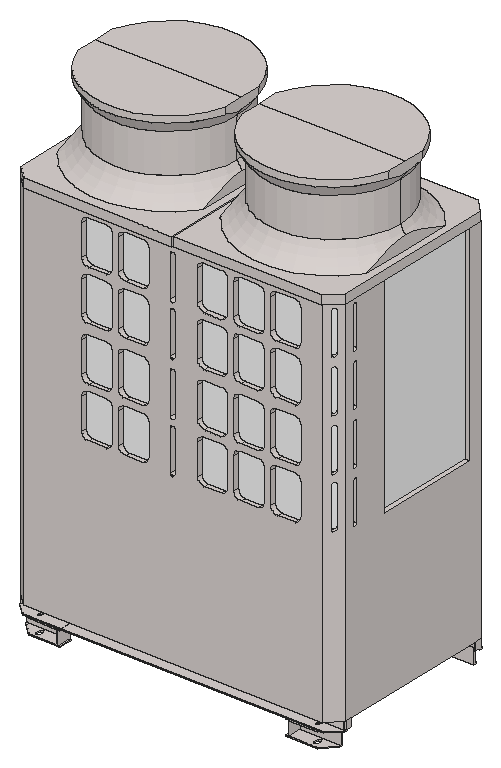
Revit family "PUHY-EM400YNW-A1", category 機械設備, Revit 2016 (continued)
Dimensions and locks
  curve 89 to cut or joined group 1 (Extrusion 1, Extrusion 2, Extrusion 3, Extrusion 4, Extrusion 5, Extrusion 6, Extrusion 7, Extrusion 8, Extrusion 9, Extrusion 10, Extrusion 11, Extrusion 12, Extrusion 13, Extrusion 14, Extrusion 15, Extrusion 16, Extrusion 17, Extrusion 18, Extrusion 19, Extrusion 20, Extrusion 21, Extrusion 22, Extrusion 23, Extrusion 24, Extrusion 25, Extrusion 26, Extrusion 27, Extrusion 28, Extrusion 29, Extrusion 30, Extrusion 31, Extrusion 32, Extrusion 33) = 216.000 mm
  cut or joined group 1 to curve 4 to curve 2 = 128.000 mm, 150.000 mm
  cut or joined group 1 to curve 1 to curve 3 = 79.000 mm, 94.000 mm
  Extrusion 32 sketch curve to nested 7 = 116.000 mm
  cut or joined group 1 to Extrusion 32 sketch curve = 160.000 mm
  cut or joined group 1 to Extrusion 33 sketch curve = 243.000 mm
  Extrusion 33 sketch curve to nested 7 = 116.000 mm
  aligned and locked: level to plane 2
  aligned and locked: Extrusion 1 to plane 4
Nested families
  nested 1: "FAN GUARD" at (-311.5, 0, 860), type "FAN GUARD"
    with WIDTH 870.000 mm
  nested 2: "FAN GUARD" at (311.5, 0, 860) x (-1, 0, 0) z (0, 0, 1), type "FAN GUARD"
    with WIDTH 870.000 mm
  nested 3: "ATTACHMENT LEG" at (-524, -349, 0), type "ATTACHMENT LEG"
  nested 4: "ATTACHMENT LEG" at (-524, 349, 0), type "ATTACHMENT LEG"
  nested 5: "ATTACHMENT LEG" at (524, -349, 0) x (-1, 0, 0) z (0, 0, 1), type "ATTACHMENT LEG"
  nested 6: "ATTACHMENT LEG" at (524, 349, 0) x (-1, 0, 0) z (0, 0, 1), type "ATTACHMENT LEG"
  nested 7: "BASE LEG_L" at (0, -352, 60), type "BASE LEG_L"
    with Width 1240.000 mm
  nested 8: "BASE LEG_L" at (0, 352, 60), type "BASE LEG_L"
    with Width 1240.000 mm
Connectors
  piping at (-460, -191, 176), diameter 12.7, driven by "Liquid pipe_radius"
    settings: on cut or joined group 1, index 3, connector inside diameter 12.7 mm, connector length 0.000 mm, flow factor 0, pipe flow 0.0 L/s, pressure drop 0.0 Pa, fitting loss kfactor 0, connector angle 0.00°, fixture units 0, engagement length 0.000 mm, angle of deflection 0.00°, flow configuration 0, flow direction 0, fitting loss method 0, system type 22, joint type 0, gender type 0, connector reference index -1, connector utility 0, adjustable connector no, is connector primary yes, connector description "Refrigerant service valve<Liquid pipe>"
  piping at (-377, -191, 176), diameter 28.58, driven by "Gas pipe_radius"
    settings: on cut or joined group 1, index 4, connector inside diameter 28.58 mm, connector length 0.000 mm, flow factor 0, pipe flow 0.0 L/s, pressure drop 0.0 Pa, fitting loss kfactor 0, connector angle 0.00°, fixture units 0, engagement length 0.000 mm, angle of deflection 0.00°, flow configuration 0, flow direction 0, fitting loss method 0, system type 22, joint type 0, gender type 0, connector reference index -1, connector utility 0, adjustable connector no, is connector primary no, connector description "Refrigerant service valve<Gas>"
  electrical at (0, -370, 808), driven by "Phase", driven by "Voltage"
    settings: on cut or joined group 1, index 5, voltage 380 V, apparent load 0 VA, apparent load phase1 0 VA, apparent load phase2 0 VA, apparent load phase3 0 VA, power factor 1, load classification "HVAC", number of poles 3, system type 30, power factor state 1, is connector primary yes, connector utility no, sub classification motor no, connector description ""
Definition of nested family "FAN GUARD"
  Parameters
    WIDTH [instance] = 870.000 mm
  Reference planes
    plane 1 "中心(正面/背面)": y = 0
    plane 2: z = 0
    plane 3 "ファンガード基準面": z = 661
    plane 4: y = 368
    plane 5: x = 366
    plane 6: x = -375
    plane 7 "ファンガード基準上面": z = 695
    plane 8 "ファンガード上面": z = 998
    plane 9: x = -273.971
    plane 10: x = 308.5
    plane 11: x = -308.5
    plane 12: x = 0
  Forms (mm)
    Extrusion 1, solid
      sketch origin (85, 0, 661) x (-1, 0, 0) y (0, -1, 0)
        loop
          line (343.5, -368) -> (393.5, -318) -> (393.5, 322) -> (342.5, 373) -> (-223.5, 373) -> (-223.5, -368) -> (343.5, -368)
      from 0 to 34
    Revolve 2, solid
      sketch origin (0, 0, 0) x (1, 0, 0) y (0, 0, 1)
        loop
          line (0, 695) -> (0, 998) -> (-290, 998) -> (-290, 972.327) -> (-260, 928.372) -> (-260, 777.384)
          arc (-260, 777.384) -> (-290.651, 730.137) -> (-334.665, 695) r 175.882
          line (-334.665, 695) -> (0, 695)
        axis (0, 998) -> (0, 695)
      angle from 0 to 360
    Extrusion 3, void
      sketch origin (-840, 75, 695) x (-1, 0, 0) y (0, -1, 0)
        loop
          line (-410, -165) -> (-410, 315) -> (-561.253, 315) -> (-561.253, -165) -> (-410, -165)
      from -35 to 430.592
    Extrusion 4, void
      sketch origin (840, 75, 695) x (1, 0, 0) y (0, 1, 0)
        loop
          line (-410, 165) -> (-561.253, 165) -> (-561.253, -315) -> (-410, -315) -> (-410, 165)
      from 0 to 430.592
  Cuts and joins
    Extrusion 3, Extrusion 4 cuts Revolve 2
    Extrusion 4 cuts Extrusion 1
  Lines and regions (mm)
    model lines
      curve 1: line (-278.747, 0, 998) -> (-80, 0, 998)
      curve 2: line (80, 0, 998) -> (278.747, 0, 998)
      curve 3: circle (0, 0, 998) r 80 normal (0, 0, 1)
      curve 4: line (-278.747, -80, 998) -> (278.747, -80, 998)
      curve 5: line (-241.868, -160, 998) -> (241.868, -160, 998)
      curve 6: line (-162.788, -240, 998) -> (162.788, -240, 998)
      curve 7: line (-278.747, 80, 998) -> (278.747, 80, 998)
      curve 8: line (-241.868, 160, 998) -> (240, 160, 998)
      curve 9: line (-160, 240, 998) -> (162.788, 240, 998)
      curve 10: line (0, 290, 998) -> (0, -290, 998)
      curve 11: line (-20, 289.31, 998) -> (-20, -289.31, 998)
      curve 12: line (-40, 287.228, 998) -> (-40, -287.228, 998)
      curve 13: line (-60, 283.725, 998) -> (-60, -283.725, 998)
      curve 14: line (-80, 278.747, 998) -> (-80, -278.747, 998)
      curve 15: line (20, 289.31, 998) -> (20, -289.31, 998)
      curve 16: line (40, 287.228, 998) -> (40, -287.228, 998)
      curve 17: line (60, 283.725, 998) -> (60, -283.725, 998)
      curve 18: line (80, 278.747, 998) -> (80, -278.747, 998)
      curve 19: line (100, 272.213, 998) -> (100, -272.213, 998)
      curve 20: line (120, 264.008, 998) -> (120, -264.008, 998)
      curve 21: line (140, 253.969, 998) -> (140, -253.969, 998)
      curve 22: line (160, 241.868, 998) -> (160, -243.132, 998)
      curve 23: line (180, 227.376, 998) -> (180, -227.624, 998)
      curve 24: line (200, 210, 998) -> (200, -210, 998)
      curve 25: line (220, 188.944, 998) -> (220, -188.944, 998)
      curve 26: line (240, 160, 998) -> (240, -162.788, 998)
      curve 27: line (260, 128.452, 998) -> (260, -128.452, 998)
      curve 28: line (-100, 272.213, 998) -> (-100, -272.213, 998)
      curve 29: line (-120, 264.008, 998) -> (-120, -264.008, 998)
      curve 30: line (-140, 253.969, 998) -> (-140, -253.969, 998)
      curve 31: line (-160, 240, 998) -> (-160, -241.868, 998)
      curve 32: line (-180, 227.376, 998) -> (-180, -227.376, 998)
      curve 33: line (-200, 210, 998) -> (-200, -210, 998)
      curve 34: line (-220, 188.944, 998) -> (-220, -188.944, 998)
      curve 35: line (-240, 162.788, 998) -> (-240, -162.788, 998)
      curve 36: line (-260, 128.452, 998) -> (-260, -128.452, 998)
      curve 37: line (10, 79.373, 998) -> (10, -79.373, 998)
      curve 38: line (-10, 79.373, 998) -> (-10, -79.373, 998)
      curve 39: line (30, 74.162, 998) -> (30, -74.162, 998)
      curve 40: line (50, 62.45, 998) -> (50, -62.45, 998)
      curve 41: line (70, 38.73, 998) -> (70, -38.73, 998)
      curve 42: line (-30, 74.162, 998) -> (-30, -74.162, 998)
      curve 43: line (-50, 62.45, 998) -> (-50, -62.45, 998)
      curve 44: line (-70, 38.73, 998) -> (-70, -38.73, 998)
  Dimensions and locks
    locked: plane 8 "ファンガード上面" to plane 7 "ファンガード基準上面" at 303
    plane 8 "ファンガード上面" to plane 3 "ファンガード基準面" = 337.000 mm
    Revolve 2 sketch curve to Revolve 2 sketch curve = 290.000 mm
    Extrusion 1 sketch curve to Extrusion 1 sketch curve = 741.000 mm
    equal spacing: Extrusion 1 sketch curve, plane 1 "中心(正面/背面)", Extrusion 1 sketch curve
    plane 6 to plane 5 = 741.000 mm
    Extrusion 1 sketch curve to Extrusion 1 sketch curve = 617.000 mm
    plane 11 to plane 10 = 617.000 mm
    cut or joined group of Extrusion 1, Extrusion 4 to cut or joined group of Extrusion 1, Extrusion 4 = 617.000 mm
    cut or joined group of Extrusion 1, Extrusion 4 to cut or joined group of Extrusion 1, Extrusion 4 = 741.000 mm
    aligned and locked: level to plane 2
    aligned and locked: plane 7 "ファンガード基準上面" to Extrusion 1
    aligned and locked: plane 3 "ファンガード基準面" to Extrusion 1
    aligned and locked: cut or joined group of Revolve 2, Extrusion 3, Extrusion 4 to plane 8 "ファンガード上面"
Definition of nested family "ATTACHMENT LEG"
  Parameters
    Width = 145.000 mm
  Reference planes
    plane 1: z = 0
    plane 2 "中心(左/右)": x = -6
    plane 3: x = -52
    plane 4: x = 85
    plane 5: x = 93
    plane 6: y = -21
    plane 7: y = 27
    plane 8: x = -30
    plane 9: y = 39
    plane 10: z = 60
    plane 11: z = 57
    plane 12: z = 3
    plane 13: x = 82
    plane 14: y = 36
    plane 15: x = -75
    plane 16: y = 31
    plane 17 "幅": x = 93
    plane 18: y = 2.5
    plane 19: y = 21
    plane 20: y = -10
  Forms (mm)
    Extrusion 1, solid
      sketch origin (0, -1, 0) x (1, 0, 0) y (0, 1, 0)
        loop
          line (-75, 36) -> (-75, 27) -> (-28, -20) -> (93, -20) -> (93, 32) -> (85, 32) -> (85, 36) -> (-75, 36)
      from 0 to 60
    Extrusion 2, void
      sketch origin (0, -3, 0) x (1, 0, 0) y (0, 0, 1)
        loop
          line (-75, 57) -> (-75, 3) -> (82, 3) -> (82, 57) -> (-75, 57)
        loop
          line (93, 57) -> (85, 57) -> (85, 3) -> (93, 3) -> (93, 57)
      from -35 to 18
    Extrusion 3, void
      sketch origin (-6, 5.5, 0) x (1, 0, 0) y (0, 1, 0)
        loop
          arc (-7, -8.5) -> (0, -15.5) -> (7, -8.5) r 7
          line (7, -8.5) -> (7, 8.5)
          arc (7, 8.5) -> (0, 15.5) -> (-7, 8.5) r 7
          line (-7, 8.5) -> (-7, -8.5)
      from 0 to 60
  Cuts and joins
    Extrusion 2, Extrusion 3 cuts Extrusion 1
  Dimensions and locks
    locked: plane 3 to plane 4 at 137
    locked: plane 3 to plane 5 at 145
    plane 6 to plane 7 = 48.000 mm
    locked: plane 10 to level at 60
    Extrusion 3 sketch curve to plane 2 "中心(左/右)" = 7.000 mm
    locked: plane 15 to plane 2 "中心(左/右)" at 69
    locked: plane 15 to plane 8 at 45
    locked: plane 6 to plane 18 at 23.5
    cut or joined group of Extrusion 1, Extrusion 2, Extrusion 3 to cut or joined group of Extrusion 1, Extrusion 2, Extrusion 3 = 168.000 mm
    cut or joined group of Extrusion 1, Extrusion 2, Extrusion 3 to cut or joined group of Extrusion 1, Extrusion 2, Extrusion 3 = 56.000 mm  (x2)
    plane 14 to plane 6 = 57.000 mm
    aligned and locked: level to plane 1
    aligned and locked: Extrusion 1 sketch curve to plane 4
    aligned and locked: Extrusion 1 sketch curve to plane 5
    aligned: plane 8 to Extrusion 1 sketch curve
    aligned and locked: plane 10 to Extrusion 1
    aligned and locked: Extrusion 2 sketch curve to plane 11
    aligned: plane 3 to Extrusion 2 sketch curve
    aligned and locked: plane 12 to Extrusion 2 sketch curve
    aligned and locked: Extrusion 2 sketch curve to plane 13
    aligned and locked: plane 6 to Extrusion 2
    aligned and locked: plane 11 to Extrusion 2 sketch curve
    aligned and locked: plane 5 to Extrusion 2 sketch curve
    aligned and locked: Extrusion 2 sketch curve to plane 12
    aligned and locked: Extrusion 2 sketch curve to plane 4
    aligned and locked: plane 15 to Extrusion 1 sketch curve
    aligned and locked: Extrusion 2 sketch curve to cut or joined group of Extrusion 1, Extrusion 2, Extrusion 3
    aligned and locked: Extrusion 1 to plane 16
Definition of nested family "BASE LEG_L"
  Parameters
    Width [instance] = 1240.000 mm
  Reference planes
    plane 1 "中心(正面/背面)": y = 0
    plane 2: z = 0
    plane 3 "中心(左/右)": x = 0
    plane 4: x = 620
    plane 5: x = -620
    plane 6: x = -530
    plane 7: x = 530
    plane 8: y = -18
    plane 9: y = 39
    plane 10: z = 53
    plane 11: y = 42
    plane 12: y = 27
    plane 13: x = 575
    plane 14: x = -575
    plane 15: z = 8
    plane 16: y = 11.5
    plane 17: z = 35
  Forms (mm)
    Extrusion 1, solid
      sketch origin (0, 0, 0) x (0, 1, 0) y (0, 0, 1)
        loop
          line (-18, 0) -> (36, 0) -> (36, 32) -> (56, 32) -> (56, 35) -> (33, 35) -> (33, 3) -> (-18, 3) -> (-18, 0)
      from -620 to 620
    Extrusion 2, void
      sketch origin (0, 0, 0) x (1, 0, 0) y (0, 1, 0)
        loop
          line (575, -18) -> (620, -18) -> (620, 27) -> (575, -18)
        loop
          line (-575, -18) -> (-620, 27) -> (-620, -18) -> (-575, -18)
      from 0 to 250
    Extrusion 3, void
      sketch origin (0, 12.023, 0) x (1, 0, 0) y (0, 1, 0)
        loop
          arc (523, -2.971) -> (530, -9.971) -> (537, -2.971) r 7
          line (537, -2.971) -> (537, 3.023)
          arc (537, 3.023) -> (530, 10.023) -> (523, 3.023) r 7
          line (523, 3.023) -> (523, -2.971)
        loop
          line (-523, -2.971) -> (-523, 3.023)
          arc (-523, 3.023) -> (-530, 10.023) -> (-537, 3.023) r 7
          line (-537, 3.023) -> (-537, -2.971)
          arc (-537, -2.971) -> (-530, -9.971) -> (-523, -2.971) r 7
      from 0 to 250
    Extrusion 4, solid
      sketch origin (0, 0, -3) x (1, 0, 0) y (0, 0, 1)
        loop
          line (617, 8) -> (620, 8) -> (620, 35) -> (617, 35) -> (617, 8)
        loop
          line (-617, 8) -> (-617, 35) -> (-620, 35) -> (-620, 8) -> (-617, 8)
      from -36 to -56
    Extrusion 5, solid
      sketch origin (150, 352, 0) x (1, 0, 0) y (0, 1, 0)
        loop
          line (460, -319) -> (455, -319) -> (455, -320) -> (405, -370) -> (410, -370) -> (460, -320) -> (460, -319)
      from 3 to 35
    Extrusion 6, void
      sketch origin (560, -18, 0) x (0.707107, 0.707107, 0) y (0, 0, 1)
        loop
          line (70.711, 3) -> (-6.741, 39.767) -> (-6.741, 3) -> (70.711, 3)
      from -190.256 to 23.776
    Extrusion 7, solid
      sketch origin (-150, 352, 0) x (-1, 0, 0) y (0, -1, 0)
        loop
          line (460, 319) -> (460, 320) -> (410, 370) -> (405, 370) -> (455, 320) -> (455, 319) -> (460, 319)
      from 3 to 35
    Extrusion 8, void
      sketch origin (-560, -18, 0) x (0.707107, -0.707107, 0) y (0, 0, -1)
        loop
          line (-70.711, -3) -> (0, -35) -> (6.741, -35) -> (6.741, -3) -> (-70.711, -3)
      from -190.256 to 23.776
  Cuts and joins
    Extrusion 2, Extrusion 3 cuts Extrusion 1
    joined: Extrusion 1, Extrusion 4
    Extrusion 8 cuts Extrusion 7
    Extrusion 6 cuts Extrusion 5
  Dimensions and locks
    "Width": plane 5 to plane 4
    equal spacing: plane 5, plane 3 "中心(左/右)", plane 4
    locked: plane 5 to plane 6 at 90
    locked: plane 7 to plane 4 at 90
    locked: plane 8 to plane 9 at 57
    locked: plane 10 to level at 53
    locked: plane 9 to plane 11 at 3
    plane 8 to plane 12 = 45.000 mm
    locked: plane 13 to plane 4 at 45
    locked: plane 5 to plane 14 at 45
    equal spacing: Extrusion 3 sketch curve, plane 7, Extrusion 3 sketch curve
    equal spacing: Extrusion 3 sketch curve, plane 6, Extrusion 3 sketch curve
    locked: plane 10 to plane 15 at 45
    locked: cut or joined group of Extrusion 1, Extrusion 2, Extrusion 3, Extrusion 4 to Extrusion 4 sketch curve at 3  (x2)
    locked: plane 8 to plane 16 at 29.5
    plane 8 to plane 11 = 60.000 mm
    cut or joined group of Extrusion 1, Extrusion 2, Extrusion 3, Extrusion 4 to cut or joined group of Extrusion 1, Extrusion 2, Extrusion 3, Extrusion 4 = 35.000 mm
    aligned and locked: level to plane 2
    aligned and locked: plane 8 to Extrusion 1 sketch curve
    aligned and locked: plane 4 to Extrusion 1
    aligned and locked: Extrusion 1 to plane 5
    aligned and locked: Extrusion 2 sketch curve to plane 4
    aligned and locked: Extrusion 2 sketch curve to plane 8
    aligned and locked: plane 12 to Extrusion 2 sketch curve
    aligned and locked: plane 13 to Extrusion 2 sketch curve
    aligned and locked: plane 4 to Extrusion 4 sketch curve
    aligned and locked: plane 5 to Extrusion 4 sketch curve
    aligned and locked: cut or joined group of Extrusion 7, Extrusion 8 to cut or joined group of Extrusion 1, Extrusion 2, Extrusion 3, Extrusion 4
  Automatic sketch dimensions
    Extrusion 3 sketch curve to plane 1 "中心(正面/背面)" = 9.052 mm  (x2)
    Extrusion 3 sketch curve to plane 7 = 7.000 mm
    Extrusion 3 sketch curve to plane 1 "中心(正面/背面)" = 15.046 mm  (x2)
    Extrusion 3 sketch curve to plane 6 = 7.000 mm
    Extrusion 2 sketch curve to plane 5 = 0.000 mm
    plane 8 to Extrusion 2 sketch curve = 0.000 mm
    Extrusion 2 sketch curve to plane 14 = 0.000 mm
    plane 12 to Extrusion 2 sketch curve = 0.000 mm
    Extrusion 4 sketch curve to plane 10 = 21.000 mm
    plane 7 to Extrusion 5 sketch curve = 25.000 mm
    Extrusion 5 sketch curve to Extrusion 5 sketch curve = 5.000 mm  (x2)
    plane 7 to Extrusion 5 sketch curve = 75.000 mm
    plane 8 to Extrusion 5 sketch curve = 0.000 mm
    Extrusion 5 sketch curve to Extrusion 5 sketch curve = 50.000 mm
    Extrusion 5 sketch curve to Extrusion 5 sketch curve = 0.000 mm
    Extrusion 5 sketch curve to Extrusion 5 sketch curve = 1.000 mm
    Extrusion 6 sketch curve to Extrusion 5 = 0.000 mm  (x2)
    Extrusion 6 sketch curve to Extrusion 5 = 6.741 mm
    Extrusion 6 sketch curve to Extrusion 5 = 4.767 mm
    plane 6 to Extrusion 7 sketch curve = 25.000 mm
    Extrusion 7 sketch curve to Extrusion 7 sketch curve = 5.000 mm  (x2)
    Extrusion 7 sketch curve to Extrusion 7 sketch curve = 45.000 mm
    Extrusion 7 sketch curve to plane 8 = 0.000 mm
    Extrusion 7 sketch curve to Extrusion 7 sketch curve = 50.000 mm
    Extrusion 7 sketch curve to Extrusion 7 sketch curve = 0.000 mm
    Extrusion 7 sketch curve to Extrusion 7 sketch curve = 1.000 mm
    Extrusion 8 sketch curve to Extrusion 7 = 0.000 mm  (x2)
    Extrusion 7 to Extrusion 8 sketch curve = 0.000 mm  (x2)
    Extrusion 7 to Extrusion 8 sketch curve = 6.741 mm
    Extrusion 4 sketch curve to plane 17 = 3.000 mm
    Extrusion 4 sketch curve to plane 15 = 3.000 mm  (x2)
    Extrusion 1 sketch curve to plane 17 = 0.000 mm
    Extrusion 1 sketch curve to level = 0.000 mm
    level to Extrusion 1 sketch curve = 3.000 mm
    plane 9 to Extrusion 1 sketch curve = 6.000 mm
    plane 9 to Extrusion 1 sketch curve = 3.000 mm
    Extrusion 1 sketch curve to plane 17 = 3.000 mm
    Extrusion 1 sketch curve to plane 11 = 14.000 mm
Types (6, lengths in mm): name | Voltage | Rated Load Ampacity (A) Heating mode | Rated Load Ampacity (A) Cooling mode | Hertz | Heating Current (A) | Cooling Current (A)
  PUHY-EM400YNW-A1_380V_50Hz | 380 V | 22.6 | 21.6 | 50 Hz | 22.6 | 21.6
  PUHY-EM400YNW-A1_380V_60Hz | 380 V | 22.6 | 21.6 | 60 Hz | 22.6 | 21.6
  PUHY-EM400YNW-A1_400V_50Hz | 400 V | 21.4 | 20.5 | 50 Hz | 21.4 | 20.5
  PUHY-EM400YNW-A1_400V_60Hz | 400 V | 21.4 | 20.5 | 60 Hz | 21.4 | 20.5
  PUHY-EM400YNW-A1_415V_50Hz | 415 V | 20.7 | 19.8 | 50 Hz | 20.7 | 19.8
  PUHY-EM400YNW-A1_415V_60Hz | 415 V | 20.7 | 19.8 | 60 Hz | 20.7 | 19.8
